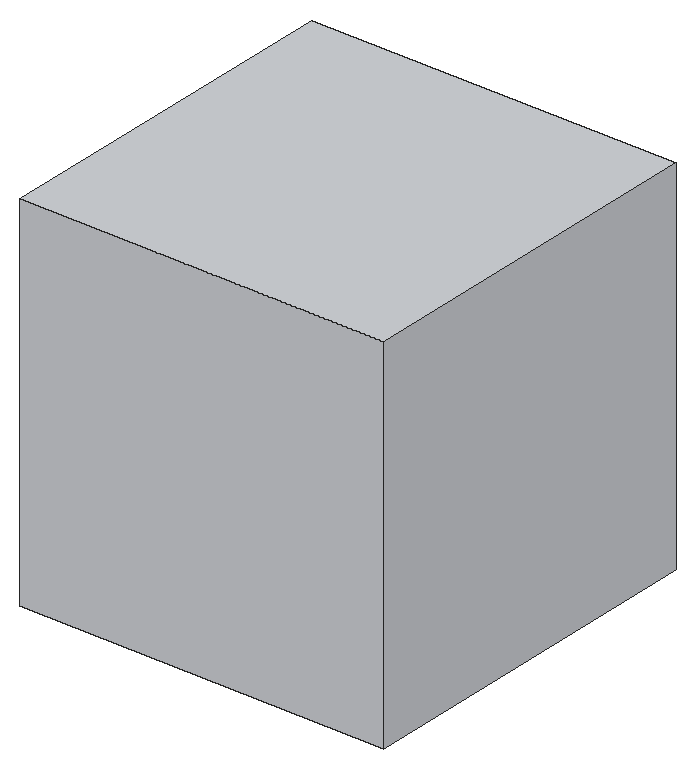
Revit family "AH_CubeGenericObjectData", category Generic Models, Revit 2025
Family settings
  Can host rebar = No
  Round Connector Dimension = Use Diameter
  Part Type = Normal
  Work Plane-Based = No
  Always vertical = Yes
  Cut with Voids When Loaded = No
  Maintain Annotation Orientation = No
  Shared = No
  Room Calculation Point = No
Parameters
  Standalone = no
  Default Elevation = 0 mm
  Aanwezig in Project = no
Reference planes
  plane 1 "Center (Front/Back)": y = 0
  plane 2: z = 0
  plane 3 "Center (Left/Right)": x = 0
Forms (mm)
  Extrusion 1, solid
    sketch origin (190.139, -250, 0) x (1, 0, 0) y (0, 1, 0)
      loop
        line (-440.139, 0.464) -> (59.861, 0.464) -> (59.861, 500.464) -> (-440.139, 500.464) -> (-440.139, 0.464)
    from 0 to 500
Dimensions and locks
  aligned and locked: level to plane 2
